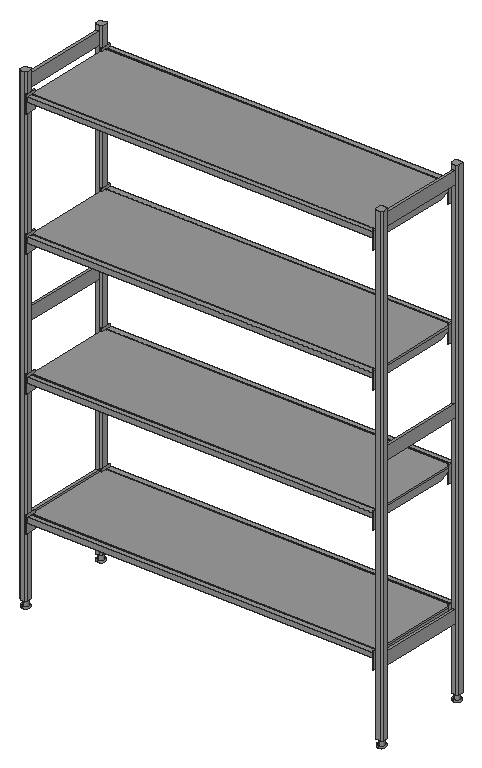
Revit family "QF_ELECTROLUXPROFESSIONAL_137016_ALS1304", category Attrezzature speciali, Revit 2020
Family settings
  Quota connettore circolare = Usa diametro
  Tipo di parte = Normale
  Basato su piano di lavoro = No
  Sempre verticale = Sì
  Taglio con vuoti quando caricato = No
  Condiviso = No
  Punto di calcolo locali = No
Parameters (values of type "Standard")
  Weight = 22.00 kg
  Watts = 0 W
  Volts = 0 V
  URL Manufacturer = "https://www.electroluxprofessional.com/"
  URL = "https://www.electroluxprofessional.com/"
  Steam Supply Size = 0 mm
  Steam Supply Minimum Pressure = 0.0 Pa
  Steam Supply Maximum Pressure = 0.0 Pa
  Steam Consumption per Hour = 0
  Refrigeration Suction Line Size = 0.0 mm
  Refrigeration Liquid Line Size = 0.0 mm
  Refrigerant Compressor Remote = yes
  Prospetto di default = 0.0 mm
  Phase = 0
  Modello = "ALS1304"
  Produttore = "Electrolux Professional"
  Length Actual = 1304.0 mm  # constant formula
  Item Number = "137016"
  Hot Water Size = 0 mm
  Height Actual = 1700.0 mm  # constant formula
  HP = "0 HP"
  Gas Size = 0 mm
  Gas KW = 0
  Gas Input Pressure = 0 W
  Direct Waste Size = 0 mm
  Descrizione = "ALUM.LINEAR SHELV.-POLY.TIERS-373X1304MM"
  Depth Actual = 373.0 mm  # constant formula
  Cycle = 0 Hz
  Condensate Return Size = 0 mm
  Compressed Air Volume = 0.0 L/s
  Compressed Air Size = 0 mm
  Compressed Air Pressure = 0.0 Pa
  Cold Water Size = 0 mm
  Accessory = yes
Reference planes
  plane 1: z = 0
  plane 2 "Center (Left/Right)": x = -31
  plane 3 "LEFT": x = -683
  plane 4 "RIGHT": x = 621
  plane 5 "BACK": y = 23
  plane 6 "FRONT": y = -350
  plane 7 "TOP": z = 1700
  plane 8: x = 616
  plane 9: x = -651
  plane 10: x = 589
  plane 11 "Center (Front/Back)": y = -163.5
  plane 12: x = 584
  plane 13: y = -8.5
  plane 14: y = -318.5
  plane 15 "FEET": z = 25
  plane 16: z = 275
  plane 17: z = 725
  plane 18: z = 1175
  plane 19: z = 1625
  plane 20 "CXLeft": x = -669
  plane 21 "CXRight": x = 607
  plane 22: y = 5.5
  plane 23 "CYBack": y = 5.5
  plane 24 "CYFront": y = -332.5
Forms (mm)
  Extrusion 1, solid, material "QF_Aluminum"
    sketch origin (-683, 0, 0) x (0, 1, 0) y (0, 0, 1)
      loop
        line (4, 1650.994) -> (4, 1632.998) -> (23, 1632.998) -> (23, 1650.994) -> (4, 1650.994)
      loop
        line (-331, 1650.994) -> (-350, 1650.994) -> (-350, 1632.998) -> (-331, 1632.998) -> (-331, 1650.994)
      loop
        line (4, 1200.994) -> (4, 1182.998) -> (23, 1182.998) -> (23, 1200.994) -> (4, 1200.994)
      loop
        line (-331, 1200.994) -> (-350, 1200.994) -> (-350, 1182.998) -> (-331, 1182.998) -> (-331, 1200.994)
      loop
        line (4, 750.994) -> (4, 732.998) -> (23, 732.998) -> (23, 750.994) -> (4, 750.994)
      loop
        line (-331, 750.994) -> (-350, 750.994) -> (-350, 732.998) -> (-331, 732.998) -> (-331, 750.994)
      loop
        line (4, 300.994) -> (4, 282.998) -> (23, 282.998) -> (23, 300.994) -> (4, 300.994)
      loop
        line (-331, 300.994) -> (-350, 300.994) -> (-350, 282.998) -> (-331, 282.998) -> (-331, 300.994)
    from 32 to 1272
  Extrusion 2, solid, material "QF_Polyethylene"
    sketch origin (-683, 0, 0) x (0, 1, 0) y (0, 0, 1)
      loop
        line (2.007, 1650.994) -> (-329, 1650.994) -> (-329, 1644.496) -> (2.007, 1644.496) -> (2.007, 1650.994)
      loop
        line (2.007, 1200.994) -> (-329, 1200.994) -> (-329, 1194.496) -> (2.007, 1194.496) -> (2.007, 1200.994)
      loop
        line (2.007, 750.994) -> (-329, 750.994) -> (-329, 744.496) -> (2.007, 744.496) -> (2.007, 750.994)
      loop
        line (2.007, 300.994) -> (-329, 300.994) -> (-329, 294.496) -> (2.007, 294.496) -> (2.007, 300.994)
    from 32 to 1272
  Extrusion 3, solid, material "QF_Aluminum"
    sketch origin (621, 0, 0) x (0, 1, 0) y (0, 0, 1)
      loop
        line (-12, 1632.998) -> (4, 1632.998) -> (4, 1650.994) -> (2.007, 1650.994) -> (2.007, 1644.496) -> (-329, 1644.496) -> (-329, 1650.994) -> (-331, 1650.994) -> (-331, 1632.998) -> (-315, 1632.998) -> (-281, 1620.994) -> (-46, 1620.994) -> (-12, 1632.998)
      loop
        line (-12, 1182.998) -> (4, 1182.998) -> (4, 1200.994) -> (2.007, 1200.994) -> (2.007, 1194.496) -> (-329, 1194.496) -> (-329, 1200.994) -> (-331, 1200.994) -> (-331, 1182.998) -> (-315, 1182.998) -> (-281, 1170.994) -> (-46, 1170.994) -> (-12, 1182.998)
      loop
        line (-12, 732.998) -> (4, 732.998) -> (4, 750.994) -> (2.007, 750.994) -> (2.007, 744.496) -> (-329, 744.496) -> (-329, 750.994) -> (-331, 750.994) -> (-331, 732.998) -> (-315, 732.998) -> (-281, 720.994) -> (-46, 720.994) -> (-12, 732.998)
      loop
        line (-12, 282.998) -> (4, 282.998) -> (4, 300.994) -> (2.007, 300.994) -> (2.007, 294.496) -> (-329, 294.496) -> (-329, 300.994) -> (-331, 300.994) -> (-331, 282.998) -> (-315, 282.998) -> (-281, 270.994) -> (-46, 270.994) -> (-12, 282.998)
    from -32 to -37
Lines and regions (mm)
  symbolic lines
    curve 1: line (589, 4, 1700) -> (-651, 4, 1700)
    curve 2: line (-655, 23, 1700) -> (593, 23, 1700)
    curve 3: line (593, 13.246, 1700) -> (599.254, 19.5, 1700)
    curve 4: line (599.254, -8.5, 1700) -> (593, -2.246, 1700)
    curve 5: line (599.254, -318.5, 1700) -> (593, -324.754, 1700)
    curve 6: line (-655, -350, 1700) -> (593, -350, 1700)
    curve 7: line (593, 23, 1700) -> (593, -12.993, 1700)
    curve 8: line (593, -12.993, 1700) -> (589, -12.993, 1700)
    curve 9: line (593, -350, 1700) -> (593, -314.007, 1700)
    curve 10: line (593, -314.007, 1700) -> (589, -314.007, 1700)
    curve 11: line (-651, -12.993, 1700) -> (-651, -314.007, 1700)
    curve 12: line (-651, -331, 1700) -> (589, -331, 1700)
    curve 13: line (589, -12.993, 1700) -> (589, -314.007, 1700)
Dimensions and locks
  locked: plane 3 "LEFT" to plane 4 "RIGHT" at 1304
  equal spacing: plane 3 "LEFT", plane 2 "Center (Left/Right)", plane 4 "RIGHT"
  locked: plane 7 "TOP" to level at 1700
  locked: plane 5 "BACK" to plane 6 "FRONT" at 373
  locked: plane 4 "RIGHT" to plane 8 at 5
  locked: plane 9 to plane 10 at 1240
  locked: plane 3 "LEFT" to plane 9 at 32
  plane 12 to plane 10 = 5.0 mm
  locked: plane 13 to plane 14 at 310
  equal spacing: plane 13, plane 11 "Center (Front/Back)", plane 14
  equal spacing: plane 5 "BACK", plane 11 "Center (Front/Back)", plane 6 "FRONT"
  plane 15 "FEET" to level = 25.0 mm
  plane 7 "TOP" to plane 15 "FEET" = 1675.0 mm
  plane 16 to plane 15 "FEET" = 250.0 mm
  plane 17 to plane 16 = 450.0 mm
  plane 18 to plane 17 = 450.0 mm
  plane 19 to plane 18 = 450.0 mm
  locked: plane 3 "LEFT" to plane 20 "CXLeft" at 14
  locked: plane 21 "CXRight" to plane 4 "RIGHT" at 14
  locked: plane 5 "BACK" to plane 23 "CYBack" at 17.5
  locked: plane 24 "CYFront" to plane 6 "FRONT" at 17.5
  aligned and locked: level to plane 1
  aligned and locked: plane 9 to Extrusion 2
  aligned and locked: Extrusion 2 to plane 10
  aligned and locked: plane 9 to Extrusion 1
  aligned and locked: Extrusion 1 to plane 10
  aligned and locked: Extrusion 1 sketch curve to Extrusion 1 sketch curve  (x2)
  aligned and locked: Extrusion 3 sketch curve to Extrusion 3 sketch curve  (x3)
  aligned and locked: Extrusion 3 to plane 12
  aligned and locked: Extrusion 3 to plane 10
  aligned and locked: plane 20 "CXLeft" to nested 1
  aligned and locked: plane 21 "CXRight" to nested 2
Automatic sketch dimensions
  Extrusion 1 sketch curve to plane 6 "FRONT" = 0.0 mm  (x4)
  Extrusion 1 sketch curve to plane 5 "BACK" = 0.0 mm  (x4)
  plane 24 "CYFront" to Extrusion 1 sketch curve = 1.5 mm  (x2)
  plane 22 to Extrusion 1 sketch curve = 1.5 mm  (x4)
  plane 16 to Extrusion 1 sketch curve = 7.998 mm  (x2)
  Extrusion 1 sketch curve to Extrusion 1 sketch curve = 17.997 mm  (x8)
  plane 17 to Extrusion 1 sketch curve = 7.998 mm  (x2)
  plane 18 to Extrusion 1 sketch curve = 7.998 mm  (x2)
  plane 19 to Extrusion 1 sketch curve = 7.998 mm  (x2)
  plane 24 "CYFront" to Extrusion 2 sketch curve = 3.5 mm  (x4)
  plane 22 to Extrusion 2 sketch curve = 3.493 mm  (x4)
  plane 16 to Extrusion 2 sketch curve = 19.496 mm
  Extrusion 2 sketch curve to Extrusion 2 sketch curve = 6.499 mm  (x4)
  plane 17 to Extrusion 2 sketch curve = 19.496 mm
  plane 18 to Extrusion 2 sketch curve = 19.496 mm
  plane 19 to Extrusion 2 sketch curve = 19.496 mm
  plane 24 "CYFront" to Extrusion 3 sketch curve = 1.5 mm  (x4)
  Extrusion 3 sketch curve to Extrusion 3 sketch curve = 2.0 mm
  plane 14 to Extrusion 3 sketch curve = 3.5 mm  (x4)
  Extrusion 3 sketch curve to plane 16 = 4.006 mm
  Extrusion 3 sketch curve to Extrusion 3 sketch curve = 34.0 mm  (x4)
  Extrusion 3 sketch curve to plane 17 = 4.006 mm
  Extrusion 3 sketch curve to plane 18 = 4.006 mm
  Extrusion 3 sketch curve to plane 19 = 4.006 mm
  Extrusion 3 sketch curve to plane 13 = 37.5 mm  (x4)
  Extrusion 3 sketch curve to plane 13 = 3.5 mm  (x4)
  plane 22 to Extrusion 3 sketch curve = 3.493 mm  (x4)
  plane 22 to Extrusion 3 sketch curve = 1.5 mm  (x4)
  plane 16 to Extrusion 3 sketch curve = 7.998 mm  (x2)
  Extrusion 3 sketch curve to Extrusion 3 sketch curve = 11.498 mm  (x4)
  Extrusion 3 sketch curve to Extrusion 3 sketch curve = 6.499 mm  (x8)
  plane 17 to Extrusion 3 sketch curve = 7.998 mm  (x2)
  plane 18 to Extrusion 3 sketch curve = 7.998 mm  (x2)
  plane 19 to Extrusion 3 sketch curve = 7.998 mm  (x2)
  curve 6 to plane 6 "FRONT" = 0.0 mm
  curve 12 to plane 9 = 0.0 mm
  curve 12 to plane 10 = 0.0 mm
  curve 5 to plane 14 = 0.0 mm
  curve 11 to plane 9 = 0.0 mm
  curve 8 to plane 10 = 0.0 mm
  curve 4 to plane 13 = 0.0 mm
  curve 1 to plane 9 = 0.0 mm
  curve 1 to plane 10 = 0.0 mm
  curve 2 to plane 5 "BACK" = 0.0 mm
  plane 14 to curve 10 = 4.493 mm
  curve 7 to plane 13 = 4.493 mm
  curve 10 to plane 10 = 4.0 mm
  curve 7 to plane 10 = 4.0 mm
  plane 24 "CYFront" to curve 12 = 1.5 mm
  curve 5 to plane 14 = 6.254 mm
  plane 14 to curve 11 = 4.493 mm
  curve 11 to plane 13 = 4.493 mm
  plane 13 to curve 4 = 6.254 mm
  plane 22 to curve 1 = 1.5 mm
  curve 3 to plane 22 = 7.746 mm
  curve 3 to plane 5 "BACK" = 3.5 mm
  curve 5 to curve 9 = 6.254 mm
  curve 3 to curve 2 = 6.254 mm
  curve 4 to curve 7 = 6.254 mm
  plane 9 to curve 2 = 4.0 mm
  plane 9 to curve 6 = 4.0 mm
Nested families
  nested 1: "WT_Anta373" at (-266, 0, 0), type "WT_Anta373"
  nested 2: "WT_Anta373" at (204, 0, 0) x (-1, 0, 0) z (0, 0, 1), type "WT_Anta373"
Definition of nested family "WT_Anta373"
  Parameters
    WidthLeft = A + 64.0 mm  # 772.0 mm
    Width = 1606.0 mm
    Right = WidthLeft / 2  # 386.0 mm
    Default Elevation = 0.0 mm
    Left = -WidthLeft / 2  # -386.0 mm
    Height = 1725.0 mm
    FEET = 25.0 mm
    E = 0.0 mm
    Dint = Depth - 63.0 mm  # 310.0 mm
    Dext = Depth - 8.0 mm  # 365.0 mm
    Depth = 373.0 mm
    DX = (WidthLeft - A) / 2  # 32.0 mm
    B = 798.0 mm
    A = 708.0 mm
  Reference planes
    plane 1: z = 0
    plane 2 "LEFT": x = -417
    plane 3 "BACK": y = 23
    plane 4 "FRONT": y = -350
    plane 5 "TOP": z = 1725
    plane 6 "Center (Front/Back)": y = -163.5
    plane 7: y = -8.5
    plane 8: y = -318.5
    plane 9 "FEET": z = 25
    plane 10: z = 275
    plane 11: z = 725
    plane 12: z = 1175
    plane 13: z = 1625
    plane 14 "CXLeft": x = -403
    plane 15: y = 5.5
    plane 16 "CYBack": y = 5.5
    plane 17 "CYFront": y = -332.5
    plane 18: x = -385.031
    plane 19: x = -380.031
  Forms (mm)
    Extrusion 1, solid
      sketch origin (0, 0, 0) x (1, 0, 0) y (0, 1, 0)
        loop
          line (-417, 13.246) -> (-417, -2.246) -> (-410.746, -8.5) -> (-395.254, -8.5) -> (-389, -2.246) -> (-389, 13.246) -> (-395.254, 19.5) -> (-410.746, 19.5) -> (-417, 13.246)
      from 1725 to 25
    Extrusion 2, solid
      sketch origin (-417, 0, 0) x (0, 1, 0) y (0, 0, 1)
        loop
          line (23, 246.005) -> (23, 307.993) -> (-12.993, 307.993) -> (-12.993, 246.005) -> (23, 246.005)
        loop
          line (-350, 246.005) -> (-314.007, 246.005) -> (-314.007, 307.993) -> (-350, 307.993) -> (-350, 246.005)
        loop
          line (23, 696.005) -> (23, 757.993) -> (-12.993, 757.993) -> (-12.993, 696.005) -> (23, 696.005)
        loop
          line (-350, 696.005) -> (-314.007, 696.005) -> (-314.007, 757.993) -> (-350, 757.993) -> (-350, 696.005)
        loop
          line (23, 1146.005) -> (23, 1207.993) -> (-12.993, 1207.993) -> (-12.993, 1146.005) -> (23, 1146.005)
        loop
          line (-350, 1146.005) -> (-314.007, 1146.005) -> (-314.007, 1207.993) -> (-350, 1207.993) -> (-350, 1146.005)
        loop
          line (23, 1596.005) -> (23, 1657.993) -> (-12.993, 1657.993) -> (-12.993, 1596.005) -> (23, 1596.005)
        loop
          line (-350, 1596.005) -> (-314.007, 1596.005) -> (-314.007, 1657.993) -> (-350, 1657.993) -> (-350, 1596.005)
      from 28 to 32
    Revolve 3, solid
      sketch origin (-403, 0, 0) x (0, 1, 0) y (0, 0, 1)
        loop
          line (5.5, 25) -> (5.5, 0) -> (19, 0) -> (19, 5) -> (14, 5) -> (14, 25) -> (5.5, 25)
        axis (5.5, 25) -> (5.5, 0)
      angle from 0 to 360
    Extrusion 4, solid
      sketch origin (-403, 0, 0) x (0, 1, 0) y (0, 0, 1)
        loop
          line (-8.5, 912.382) -> (-8.5, 957.374) -> (-318.5, 957.374) -> (-318.5, 912.382) -> (-8.5, 912.382)
        loop
          line (-8.5, 1662.244) -> (-8.5, 1707.236) -> (-318.5, 1707.236) -> (-318.5, 1662.244) -> (-8.5, 1662.244)
      from -5 to 5
    Revolve 5, solid
      sketch origin (-403, -627, 0) x (0, -1, 0) y (0, 0, 1)
        loop
          line (-294.5, 25) -> (-294.5, 0) -> (-281, 0) -> (-281, 5) -> (-286, 5) -> (-286, 25) -> (-294.5, 25)
        axis (-294.5, 25) -> (-294.5, 0)
      angle from 0 to 360
    Extrusion 6, solid
      sketch origin (0, -627, 0) x (1, 0, 0) y (0, 1, 0)
        loop
          line (-417, 286.754) -> (-410.746, 280.5) -> (-395.254, 280.5) -> (-389, 286.754) -> (-389, 302.246) -> (-395.254, 308.5) -> (-410.746, 308.5) -> (-417, 302.246) -> (-417, 286.754)
      from 1725 to 25
    Extrusion 7, solid
      sketch origin (-417.031, -0.022, 0) x (0, 1, 0) y (0, 0, -1)
        loop
          line (-12, -1632.998) -> (-46, -1620.994) -> (-281, -1620.994) -> (-315, -1632.998) -> (-331, -1632.998) -> (-331, -1650.994) -> (-329, -1650.994) -> (-329, -1644.496) -> (2.007, -1644.496) -> (2.007, -1650.994) -> (4, -1650.994) -> (4, -1632.998) -> (-12, -1632.998)
        loop
          line (-12, -1182.998) -> (-46, -1170.994) -> (-281, -1170.994) -> (-315, -1182.998) -> (-331, -1182.998) -> (-331, -1200.994) -> (-329, -1200.994) -> (-329, -1194.496) -> (2.007, -1194.496) -> (2.007, -1200.994) -> (4, -1200.994) -> (4, -1182.998) -> (-12, -1182.998)
        loop
          line (-12, -732.998) -> (-46, -720.994) -> (-281, -720.994) -> (-315, -732.998) -> (-331, -732.998) -> (-331, -750.994) -> (-329, -750.994) -> (-329, -744.496) -> (2.007, -744.496) -> (2.007, -750.994) -> (4, -750.994) -> (4, -732.998) -> (-12, -732.998)
        loop
          line (-12, -282.998) -> (-46, -270.994) -> (-281, -270.994) -> (-315, -282.998) -> (-331, -282.998) -> (-331, -300.994) -> (-329, -300.994) -> (-329, -294.496) -> (2.007, -294.496) -> (2.007, -300.994) -> (4, -300.994) -> (4, -282.998) -> (-12, -282.998)
      from -32 to -37
    Extrusion 8, solid
      sketch origin (-403, 0, -659.878) x (0, 1, 0) y (0, 0, 1)
        loop
          line (-8.5, 912.382) -> (-8.5, 957.374) -> (-318.5, 957.374) -> (-318.5, 912.382) -> (-8.5, 912.382)
        loop
          line (-8.5, 1572.382) -> (-8.5, 1617.374) -> (-318.5, 1617.374) -> (-318.5, 1572.382) -> (-8.5, 1572.382)
        loop
          line (-8.5, 2322.382) -> (-8.5, 2367.374) -> (-318.5, 2367.374) -> (-318.5, 2322.382) -> (-8.5, 2322.382)
      from -5 to 5
  Lines and regions (mm)
    symbolic lines
      curve 1: line (-408, -8.5, 1725) -> (-408, -318.5, 1725)
      curve 2: line (-398, -318.5, 1725) -> (-398, -8.5, 1725)
      curve 3: line (-395.254, -8.5, 1725) -> (-410.746, -8.5, 1725)
      curve 4: line (-417, -2.246, 1725) -> (-410.746, -8.5, 1725)
      curve 5: line (-417, 13.246, 1725) -> (-417, -2.246, 1725)
      curve 6: line (-410.746, 19.5, 1725) -> (-417, 13.246, 1725)
      curve 7: line (-395.254, 19.5, 1725) -> (-410.746, 19.5, 1725)
      curve 8: line (-389, 13.246, 1725) -> (-395.254, 19.5, 1725)
      curve 9: line (-395.254, -8.5, 1725) -> (-389, -2.246, 1725)
      curve 10: line (-395.254, -318.5, 1725) -> (-410.746, -318.5, 1725)
      curve 11: line (-417, -324.754, 1725) -> (-410.746, -318.5, 1725)
      curve 12: line (-410.746, -346.5, 1725) -> (-417, -340.246, 1725)
      curve 13: line (-395.254, -346.5, 1725) -> (-410.746, -346.5, 1725)
      curve 14: line (-389, -340.246, 1725) -> (-395.254, -346.5, 1725)
      curve 15: line (-395.254, -318.5, 1725) -> (-389, -324.754, 1725)
      curve 16: line (-389, -350, 1725) -> (-389, -314.007, 1725)
      curve 17: line (-389, -314.007, 1725) -> (-385, -314.007, 1725)
      curve 18: line (-389, 23, 1725) -> (-389, -12.993, 1725)
      curve 19: line (-389, -12.993, 1725) -> (-385, -12.993, 1725)
      curve 20: line (-417, -324.754, 1725) -> (-417, -340.246, 1725)
      curve 21: line (-385, -350, 1725) -> (-385, -314.007, 1725)
      curve 22: line (-385, -350, 1725) -> (-389, -350, 1725)
      curve 23: line (-385, 23, 1725) -> (-389, 23, 1725)
      curve 24: line (-385, -12.993, 1725) -> (-385, 23, 1725)
      curve 25: line (-385.031, -13.016, 1725) -> (-385.031, -314.029, 1725)
  Dimensions and locks
    "Height": plane 5 "TOP" to level
    "Depth": plane 3 "BACK" to plane 4 "FRONT"
    "Dint": plane 7 to plane 8
    equal spacing: plane 7, plane 6 "Center (Front/Back)", plane 8
    equal spacing: plane 3 "BACK", plane 6 "Center (Front/Back)", plane 4 "FRONT"
    plane 9 "FEET" to level = 25.0 mm
    plane 5 "TOP" to plane 9 "FEET" = 1700.0 mm
    plane 10 to plane 9 "FEET" = 250.0 mm
    plane 11 to plane 10 = 450.0 mm
    plane 12 to plane 11 = 450.0 mm
    plane 13 to plane 12 = 450.0 mm
    locked: plane 2 "LEFT" to plane 14 "CXLeft" at 14
    locked: plane 3 "BACK" to plane 16 "CYBack" at 17.5
    locked: plane 17 "CYFront" to plane 4 "FRONT" at 17.5
    locked: Revolve 3 sketch curve to Revolve 3 sketch curve at 8.5
    locked: Revolve 3 sketch curve to plane 16 "CYBack" at 13.5
    locked: Revolve 5 sketch curve to Revolve 5 sketch curve at 8.5
    aligned and locked: level to plane 1
    aligned and locked: curve 20 to Extrusion 6
    aligned and locked: plane 5 "TOP" to Extrusion 1
    aligned and locked: plane 5 "TOP" to Extrusion 6
    aligned and locked: Extrusion 7 sketch curve to Extrusion 7 sketch curve  (x3)
  Automatic sketch dimensions
    curve 16 to plane 4 "FRONT" = 0.0 mm
    curve 11 to plane 8 = 0.0 mm
    curve 9 to plane 7 = 0.0 mm
    curve 5 to plane 2 "LEFT" = 0.0 mm
    curve 23 to plane 3 "BACK" = 0.0 mm
    plane 4 "FRONT" to curve 13 = 3.5 mm
    curve 20 to plane 17 "CYFront" = 7.746 mm
    curve 20 to plane 8 = 6.254 mm
    plane 8 to curve 16 = 4.493 mm
    curve 24 to plane 18 = 0.031 mm
    curve 24 to plane 7 = 4.493 mm
    plane 7 to curve 5 = 6.254 mm
    curve 5 to plane 15 = 7.746 mm
    curve 6 to plane 3 "BACK" = 3.5 mm
    curve 21 to plane 18 = 0.031 mm
    plane 18 to curve 23 = 3.969 mm
    plane 18 to curve 16 = 3.969 mm
    curve 18 to curve 8 = 6.254 mm
    curve 18 to curve 3 = 6.254 mm
    curve 16 to curve 13 = 6.254 mm
    curve 16 to curve 15 = 6.254 mm
    plane 2 "LEFT" to curve 10 = 6.254 mm
    plane 2 "LEFT" to curve 7 = 6.254 mm
    plane 2 "LEFT" to curve 12 = 6.254 mm
    plane 2 "LEFT" to curve 3 = 6.254 mm
    curve 14 to plane 17 "CYFront" = 7.746 mm
    curve 15 to plane 8 = 6.254 mm
    plane 7 to curve 9 = 6.254 mm
    curve 8 to plane 15 = 7.746 mm
    curve 3 to curve 2 = 2.746 mm
    curve 1 to curve 10 = 2.746 mm
    Extrusion 1 sketch curve to plane 2 "LEFT" = 0.0 mm
    Extrusion 1 sketch curve to plane 7 = 0.0 mm
    plane 2 "LEFT" to Extrusion 1 sketch curve = 6.254 mm  (x2)
    plane 14 "CXLeft" to Extrusion 1 sketch curve = 7.746 mm  (x2)
    Extrusion 1 sketch curve to plane 3 "BACK" = 3.5 mm
    plane 18 to Extrusion 1 sketch curve = 3.969 mm
    plane 7 to Extrusion 1 sketch curve = 6.254 mm  (x2)
    Extrusion 1 sketch curve to plane 15 = 7.746 mm  (x2)
    Extrusion 2 sketch curve to plane 4 "FRONT" = 0.0 mm  (x4)
    Extrusion 2 sketch curve to plane 3 "BACK" = 0.0 mm  (x4)
    plane 8 to Extrusion 2 sketch curve = 4.493 mm  (x4)
    Extrusion 2 sketch curve to plane 7 = 4.493 mm  (x4)
    Extrusion 2 sketch curve to plane 10 = 28.995 mm  (x2)
    plane 10 to Extrusion 2 sketch curve = 32.993 mm  (x2)
    Extrusion 2 sketch curve to plane 11 = 28.995 mm  (x2)
    plane 11 to Extrusion 2 sketch curve = 32.993 mm  (x2)
    Extrusion 2 sketch curve to plane 12 = 28.995 mm  (x2)
    plane 12 to Extrusion 2 sketch curve = 32.993 mm  (x2)
    Extrusion 2 sketch curve to plane 13 = 28.995 mm  (x2)
    plane 13 to Extrusion 2 sketch curve = 32.993 mm  (x2)
    Revolve 3 sketch curve to plane 9 "FEET" = 0.0 mm  (x2)
    Revolve 3 sketch curve to plane 15 = 0.0 mm  (x2)
    Revolve 3 sketch curve to level = 0.0 mm
    level to Revolve 3 sketch curve = 5.0 mm
    Revolve 3 sketch curve to Revolve 3 sketch curve = 11.655 mm
    Extrusion 4 sketch curve to plane 8 = 0.0 mm  (x2)
    Extrusion 4 sketch curve to plane 7 = 0.0 mm  (x2)
    plane 11 to Extrusion 4 sketch curve = 187.382 mm
    Extrusion 4 sketch curve to Extrusion 4 sketch curve = 44.992 mm
    plane 13 to Extrusion 4 sketch curve = 37.244 mm
    Extrusion 4 sketch curve to plane 5 "TOP" = 17.764 mm
    Revolve 5 sketch curve to plane 9 "FEET" = 0.0 mm  (x2)
    Revolve 5 sketch curve to plane 17 "CYFront" = 0.0 mm  (x2)
    Revolve 5 sketch curve to level = 0.0 mm
    Revolve 5 sketch curve to plane 4 "FRONT" = 4.0 mm
    Revolve 5 sketch curve to Revolve 5 sketch curve = 5.0 mm
    level to Revolve 5 sketch curve = 11.655 mm
    Extrusion 6 sketch curve to plane 2 "LEFT" = 0.0 mm
    Extrusion 6 sketch curve to plane 8 = 0.0 mm
    Extrusion 6 sketch curve to plane 2 "LEFT" = 6.254 mm  (x2)
    Extrusion 6 sketch curve to plane 14 "CXLeft" = 7.746 mm  (x2)
    Extrusion 6 sketch curve to plane 4 "FRONT" = 3.5 mm
    Extrusion 6 sketch curve to plane 18 = 3.969 mm
    plane 8 to Extrusion 6 sketch curve = 6.254 mm  (x2)
    plane 17 "CYFront" to Extrusion 6 sketch curve = 7.746 mm  (x2)
    plane 17 "CYFront" to Extrusion 7 sketch curve = 1.478 mm  (x4)
    Extrusion 7 sketch curve to Extrusion 7 sketch curve = 2.0 mm
    plane 8 to Extrusion 7 sketch curve = 3.478 mm  (x4)
    Extrusion 7 sketch curve to plane 10 = 4.006 mm
    Extrusion 7 sketch curve to Extrusion 7 sketch curve = 34.0 mm  (x4)
    Extrusion 7 sketch curve to plane 11 = 4.006 mm
    Extrusion 7 sketch curve to plane 12 = 4.006 mm
    Extrusion 7 sketch curve to plane 13 = 4.006 mm
    Extrusion 7 sketch curve to plane 7 = 37.522 mm  (x4)
    Extrusion 7 sketch curve to plane 7 = 3.522 mm  (x4)
    plane 15 to Extrusion 7 sketch curve = 3.516 mm  (x4)
    plane 15 to Extrusion 7 sketch curve = 1.522 mm  (x4)
    plane 13 to Extrusion 7 sketch curve = 7.998 mm  (x2)
    Extrusion 7 sketch curve to Extrusion 7 sketch curve = 11.498 mm
    Extrusion 7 sketch curve to Extrusion 7 sketch curve = 6.499 mm  (x5)
    plane 12 to Extrusion 7 sketch curve = 25.994 mm  (x2)
    plane 12 to Extrusion 7 sketch curve = 7.998 mm  (x2)
    plane 11 to Extrusion 7 sketch curve = 25.994 mm  (x2)
    plane 11 to Extrusion 7 sketch curve = 7.998 mm  (x2)
    plane 10 to Extrusion 7 sketch curve = 25.994 mm  (x2)
    plane 10 to Extrusion 7 sketch curve = 7.998 mm  (x2)
    curve 25 to plane 18 = 0.0 mm
    plane 8 to curve 25 = 4.471 mm
    curve 25 to plane 7 = 4.516 mm
    Extrusion 8 sketch curve to plane 8 = 0.0 mm  (x3)
    Extrusion 8 sketch curve to plane 7 = 0.0 mm  (x3)
    Extrusion 8 sketch curve to plane 10 = 22.496 mm
    plane 10 to Extrusion 8 sketch curve = 22.496 mm
    plane 11 to Extrusion 8 sketch curve = 187.504 mm
    Extrusion 8 sketch curve to Extrusion 8 sketch curve = 44.992 mm
    plane 13 to Extrusion 8 sketch curve = 37.504 mm
    Extrusion 8 sketch curve to plane 5 "TOP" = 17.504 mm
